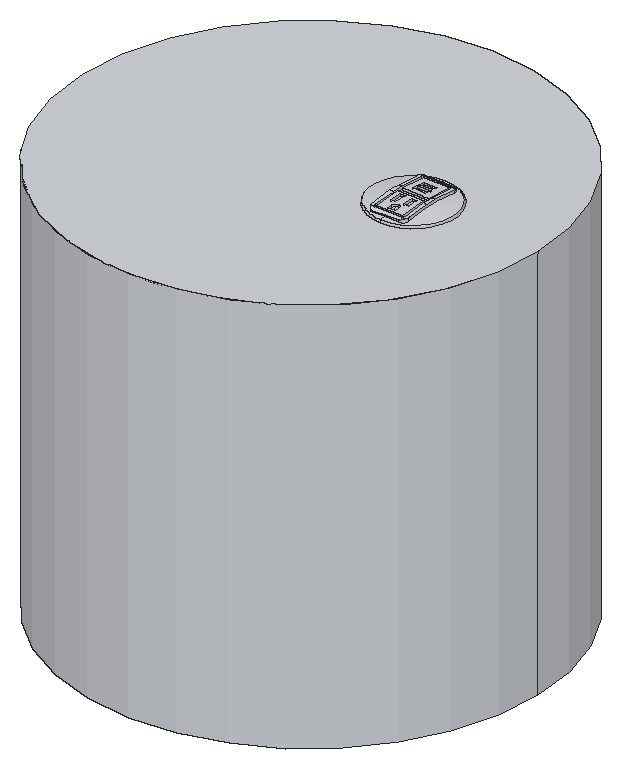
Revit family "Bernhardt-Design_Table_Clue_R18", category Furniture, Revit 2016
Family settings
  OmniClass Number = 23.40.20.00
  OmniClass Title = General Furniture and Specialties
  Work Plane-Based = No
  Always vertical = Yes
  Cut with Voids When Loaded = No
  Shared = No
  Room Calculation Point = No
Parameters (values of type "Bernhardt Design - Clue - CLS-R18 w/ power module")
  URL = "http://www.bernhardtdesign.com"
  SKU = "CLS-R18"
  Power Outlets [instance] = none
  Power Base [instance] = none
  Power = yes
  Model = "Clue"  # constant formula
  Manufacturer = "Bernhardt Design"  # constant formula
  Feet = Plastic, Opaque Black
  Copyright © = "Copyright © Bernhardt Design"  # constant formula
  Wood Veneer [instance] = none
  Catalog = SKU  # "CLS-R18"
  Authoring Version = "Autodesk Revit 2016"  # constant formula
Types (3): name | Power
  (no name) | yes
  Bernhardt Design - Clue - CLS-R18 | no
  Bernhardt Design - Clue - CLS-R18 w/ power module | yes
Reference planes (in)
  plane 1 "Center Front/Back": y = 0
  plane 2: z = 0
  plane 3 "Center Left/Right": x = 0
Forms (in)
  Extrusion 1, solid, material <- "Wood Veneer"
    sketch origin (0, 0, 0) x (1, 0, 0) y (0, 1, 0)
      loop
        circle (0, 0) r 9.3504
    from 1.1811 to 17.51968
  Extrusion 2, solid, material <- "Wood Veneer"
    sketch origin (0, 0, 0) x (1, 0, 0) y (0, 1, 0)
      loop
        circle (0, 0) r 6.98819
      loop
        circle (0, 0) r 5.00062
    from 0.18745 to 1.1811
  Revolve 3, solid, material "Plastic, Opaque Black" <- "Feet"
    sketch origin (-4.23153, 5.47615, 0) x (1, 0, 0) y (0, 0, 1)
      loop
        line (1.79304, 0.18745) -> (1.79304, 0) -> (1.87802, 0)
        arc (1.87802, 0) -> (1.92387, 0.01079) -> (1.96123, 0.03946) r 0.11203
        arc (1.96123, 0.03946) -> (1.98298, 0.07621) -> (1.99122, 0.11811) r 0.12614
        line (1.99122, 0.11811) -> (1.99122, 0.18745) -> (1.79304, 0.18745)
      axis (1.79304, 0) -> (1.79304, 0.18745)
    angle from 0 to 360
  Revolve 4, solid, material "Plastic, Opaque Black" <- "Feet"
    sketch origin (0.64412, 5.47615, 0) x (1, 0, 0) y (0, 0, 1)
      loop
        line (1.79304, 0.18745) -> (1.79304, 0) -> (1.87802, 0)
        arc (1.87802, 0) -> (1.92387, 0.01079) -> (1.96123, 0.03946) r 0.11203
        arc (1.96123, 0.03946) -> (1.98298, 0.07621) -> (1.99122, 0.11811) r 0.12614
        line (1.99122, 0.11811) -> (1.99122, 0.18745) -> (1.79304, 0.18745)
      axis (1.79304, 0) -> (1.79304, 0.18745)
    angle from 0 to 360
  Revolve 5, solid, material "Plastic, Opaque Black" <- "Feet"
    sketch origin (3.81222, 2.11649, 0) x (1, 0, 0) y (0, 0, 1)
      loop
        line (1.79304, 0.18745) -> (1.79304, 0) -> (1.87802, 0)
        arc (1.87802, 0) -> (1.92387, 0.01079) -> (1.96123, 0.03946) r 0.11203
        arc (1.96123, 0.03946) -> (1.98298, 0.07621) -> (1.99122, 0.11811) r 0.12614
        line (1.99122, 0.11811) -> (1.99122, 0.18745) -> (1.79304, 0.18745)
      axis (1.79304, 0) -> (1.79304, 0.18745)
    angle from 0 to 360
  Revolve 6, solid, material "Plastic, Opaque Black" <- "Feet"
    sketch origin (3.81222, -2.11914, 0) x (1, 0, 0) y (0, 0, 1)
      loop
        line (1.79304, 0.18745) -> (1.79304, 0) -> (1.87802, 0)
        arc (1.87802, 0) -> (1.92387, 0.01079) -> (1.96123, 0.03946) r 0.11203
        arc (1.96123, 0.03946) -> (1.98298, 0.07621) -> (1.99122, 0.11811) r 0.12614
        line (1.99122, 0.11811) -> (1.99122, 0.18745) -> (1.79304, 0.18745)
      axis (1.79304, 0) -> (1.79304, 0.18745)
    angle from 0 to 360
  Revolve 7, solid, material "Plastic, Opaque Black" <- "Feet"
    sketch origin (0.64413, -5.4753, 0) x (1, 0, 0) y (0, 0, 1)
      loop
        line (1.79304, 0.18745) -> (1.79304, 0) -> (1.87802, 0)
        arc (1.87802, 0) -> (1.92387, 0.01079) -> (1.96123, 0.03946) r 0.11203
        arc (1.96123, 0.03946) -> (1.98298, 0.07621) -> (1.99122, 0.11811) r 0.12614
        line (1.99122, 0.11811) -> (1.99122, 0.18745) -> (1.79304, 0.18745)
      axis (1.79304, 0) -> (1.79304, 0.18745)
    angle from 0 to 360
  Revolve 8, solid, material "Plastic, Opaque Black" <- "Feet"
    sketch origin (-4.23021, -5.4753, 0) x (1, 0, 0) y (0, 0, 1)
      loop
        line (1.79304, 0.18745) -> (1.79304, 0) -> (1.87802, 0)
        arc (1.87802, 0) -> (1.92387, 0.01079) -> (1.96123, 0.03946) r 0.11203
        arc (1.96123, 0.03946) -> (1.98298, 0.07621) -> (1.99122, 0.11811) r 0.12614
        line (1.99122, 0.11811) -> (1.99122, 0.18745) -> (1.79304, 0.18745)
      axis (1.79304, 0) -> (1.79304, 0.18745)
    angle from 0 to 360
  Revolve 9, solid, material "Plastic, Opaque Black" <- "Feet"
    sketch origin (-7.3983, -2.11914, 0) x (1, 0, 0) y (0, 0, 1)
      loop
        line (1.79304, 0.18745) -> (1.79304, 0) -> (1.87802, 0)
        arc (1.87802, 0) -> (1.92387, 0.01079) -> (1.96123, 0.03946) r 0.11203
        arc (1.96123, 0.03946) -> (1.98298, 0.07621) -> (1.99122, 0.11811) r 0.12614
        line (1.99122, 0.11811) -> (1.99122, 0.18745) -> (1.79304, 0.18745)
      axis (1.79304, 0) -> (1.79304, 0.18745)
    angle from 0 to 360
  Revolve 10, solid, material "Plastic, Opaque Black" <- "Feet"
    sketch origin (-7.3983, 2.11649, 0) x (1, 0, 0) y (0, 0, 1)
      loop
        line (1.79304, 0.18745) -> (1.79304, 0) -> (1.87802, 0)
        arc (1.87802, 0) -> (1.92387, 0.01079) -> (1.96123, 0.03946) r 0.11203
        arc (1.96123, 0.03946) -> (1.98298, 0.07621) -> (1.99122, 0.11811) r 0.12614
        line (1.99122, 0.11811) -> (1.99122, 0.18745) -> (1.79304, 0.18745)
      axis (1.79304, 0) -> (1.79304, 0.18745)
    angle from 0 to 360
Dimensions and locks (in)
  aligned and locked: level to plane 2
Nested families (in)
  nested 1: "Clue_power" at (4.21003, -0.00003, 17.51968), Power Base <- "Power Base", Power Outlets <- "Power Outlets", visible <- "Power", type "Clue_power"
    with Power Outlets none, Power Base none
Definition of nested family "Clue_power"
  Parameters (values of type "Clue_power")
    URL = "http://www.bernhardtdesign.com"
    Power Outlets [instance] = none
    Power Base [instance] = none
    Model = ""
    Manufacturer = "Bernhardt Design"  # constant formula
    Copyright © = "Copyright © Bernhardt Design"  # constant formula
    Catalog = ""
    Authoring Version = "Autodesk Revit 2016"  # constant formula
  Reference planes (in)
    plane 1 "Center Front/Back": y = 0
    plane 2: z = 0
    plane 3 "Center Left/Right": x = 0
  Forms (in)
    Revolve 1, solid, material <- "Power Base"
      sketch origin (0, 0, 0) x (0, 1, 0) y (0, 0, 1)
        loop
          arc (1.6825, 0) -> (1.67392, 0.04473) -> (1.6473, 0.08169) r 0.1056
          arc (1.6473, 0.08169) -> (0.82894, 0.2153) -> (0, 0.2361) r 6.06808
          line (0, 0.2361) -> (0, 0) -> (1.6825, 0)
        axis (0, 0.2361) -> (0, 0)
      angle from 0 to 360
    Extrusion 2, solid, material <- "Power Outlets"
      sketch origin (0, 0, 0) x (1, 0, 0) y (0, 1, 0)
        loop
          line (-0.75148, 1.15592) -> (-0.75148, -1.19925)
          arc (-0.75148, -1.19925) -> (-0.67323, -1.35002) -> (-0.51449, -1.4105) r 0.23856
          line (-0.51449, -1.4105) -> (0.5165, -1.4105)
          arc (0.5165, -1.4105) -> (0.68266, -1.34167) -> (0.75148, -1.17551) r 0.23498
          line (0.75148, -1.17551) -> (0.75148, 1.19926)
          arc (0.75148, 1.19926) -> (0.67415, 1.35121) -> (0.51498, 1.41233) r 0.23778
          line (0.51498, 1.41233) -> (-0.53896, 1.41233)
          arc (-0.53896, 1.41233) -> (-0.69806, 1.32792) -> (-0.75148, 1.15592) r 0.23633
        loop
          line (-0.61952, 1.17561) -> (-0.61952, -1.17715)
          arc (-0.61952, -1.17715) -> (-0.58906, -1.25067) -> (-0.51554, -1.28113) r 0.10398
          line (-0.51554, -1.28113) -> (0.51806, -1.28113)
          arc (0.51806, -1.28113) -> (0.58999, -1.25134) -> (0.61978, -1.17941) r 0.10172
          line (0.61978, -1.17941) -> (0.61978, 1.17733)
          arc (0.61978, 1.17733) -> (0.58933, 1.25086) -> (0.5158, 1.28132) r 0.10398
          line (0.5158, 1.28132) -> (-0.51555, 1.28132)
          arc (-0.51555, 1.28132) -> (-0.58968, 1.25025) -> (-0.61952, 1.17561) r 0.10398
      from 0.06006 to 0.30371
    Extrusion 3, void
      sketch origin (0, 0, 0) x (0, 1, 0) y (0, 0, 1)
        loop
          line (1.41233, 0.15499) -> (1.53943, 0.15499) -> (1.53943, 0.42603) -> (-1.53671, 0.42603) -> (-1.53671, 0.15499) -> (-1.41233, 0.15499)
          arc (-1.41233, 0.15499) -> (-1.34983, 0.19077) -> (-1.28065, 0.21075) r 0.30249
          arc (-1.28065, 0.21075) -> (-0.6424, 0.2859) -> (0, 0.30373) r 7.1871
          arc (0, 0.30373) -> (0.6424, 0.2859) -> (1.28065, 0.21075) r 7.1871
          arc (1.28065, 0.21075) -> (1.34983, 0.19077) -> (1.41233, 0.15499) r 0.30249
      from -0.98874 to 1.00889
    Extrusion 4, solid, material <- "Power Outlets"
      sketch origin (0, 0, 0) x (1, 0, 0) y (0, 1, 0)
        loop
          line (-0.53791, -0.11341) -> (-0.53791, -1.19581) -> (0.53709, -1.19581) -> (0.53709, -0.11341) -> (-0.53791, -0.11341)
        loop
          line (-0.53791, 0.11341) -> (0.53709, 0.11341) -> (0.53709, 1.19581) -> (-0.53791, 1.19581) -> (-0.53791, 0.11341)
      from 0.06006 to 0.3696
    Extrusion 5, void
      sketch origin (0, 0, -0.00588) x (0, 1, 0) y (0, 0, 1)
        loop
          line (1.41233, 0.15499) -> (1.53943, 0.15499) -> (1.53943, 0.42603) -> (-1.53671, 0.42603) -> (-1.53671, 0.15499) -> (-1.41233, 0.15499)
          arc (-1.41233, 0.15499) -> (-1.34983, 0.19077) -> (-1.28065, 0.21075) r 0.30249
          arc (-1.28065, 0.21075) -> (-0.6424, 0.2859) -> (0, 0.30373) r 7.1871
          arc (0, 0.30373) -> (0.6424, 0.2859) -> (1.28065, 0.21075) r 7.1871
          arc (1.28065, 0.21075) -> (1.34983, 0.19077) -> (1.41233, 0.15499) r 0.30249
      from -0.98874 to 1.00889
    Extrusion 6, void
      sketch origin (0, 0, 0) x (1, 0, 0) y (0, 1, 0)
        loop
          line (-0.27547, 0.88145) -> (-0.27547, 0.65358) -> (0.27793, 0.65358) -> (0.27793, 0.88145) -> (-0.27547, 0.88145)
        loop
          line (-0.27547, 0.53657) -> (-0.27547, 0.3087) -> (0.27793, 0.3087) -> (0.27793, 0.53657) -> (-0.27547, 0.53657)
        loop
          line (-0.35891, -0.22508) -> (-0.35891, -0.69469) -> (-0.14191, -0.69469) -> (-0.14191, -0.22508) -> (-0.35891, -0.22508)
        loop
          line (0.13909, -0.25998) -> (0.13909, -0.6598) -> (0.36009, -0.6598) -> (0.36009, -0.25998) -> (0.13909, -0.25998)
        loop
          line (0.15909, -1.10249) -> (0.15909, -0.9556)
          arc (0.15909, -0.9556) -> (0.11249, -0.8431) -> (0, -0.79651) r 0.15909
          arc (0, -0.79651) -> (-0.11307, -0.84335) -> (-0.15991, -0.95642) r 0.15991
          line (-0.15991, -0.95642) -> (-0.15991, -1.10249) -> (0.15909, -1.10249)
      from 0.09737 to 0.49805
  Cuts and joins
    Extrusion 3 cuts Extrusion 2
    Extrusion 5, Extrusion 6 cuts Extrusion 4
  Dimensions and locks (in)
    Extrusion 4 to plane 1 "Center Front/Back" = 0' - 0.11341"
    aligned and locked: level to plane 2
